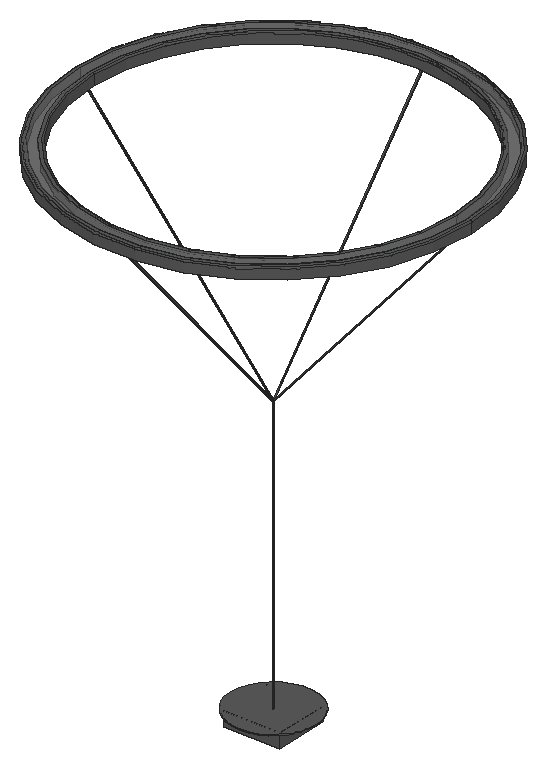
Revit family "Lighting_Round_LED_StarTek_Halo-Direct1", category Lighting Fixtures, host Face, Revit 2020
Family settings
  Host = Face
  Round Connector Dimension = Use Diameter
  Part Type = Normal
  OmniClass Number = 23.80.70.11
  OmniClass Title = Luminaries for Internal Lighting
  Cut with Voids When Loaded = No
  Light Source = Yes
  Shared = No
  Room Calculation Point = No
Parameters (values of type "Default - please load Revit Family Type Catalog")
  Weight = 0.00 lbf
  Wattage Comments = "Efficacy up to 120 lm/W"
  Wattage = 79.7101 W
  Voltage Range = "120-277V"  # constant formula
  built-in parameter 1150110 = 1 (stored number, unit not read)
  Voltage = 120 V
  URL = "https://starteklightingamerica.com/"
  Type Comments = ""
  built-in parameter 1114217 = 1 (stored number, unit not read)
  Tilt Angle = 90.00°  # constant formula
  built-in parameter 1150109 = 1 (stored number, unit not read)
  built-in parameter 1150134 = (empty or 0)
  built-in parameter 1150113 = 1 (stored number, unit not read)
  Product data url = "https://bimobject.com/startek-lighting/product/halo-direct"
  Product Material [instance] = StarTek Lighting - Aluminum - Powder Coat Black
  Power Factor = 0.93
  Photometric Web File = "Generic Light Source Shown : Please download and link the IES file that best matches your fixture specification"
  Photometric Note = "Import IES files https://starteklightingamerica.com/"  # constant formula
  Phase = 1
  Output = "High"
  Number of Poles = 1
  Mounting [instance] = Cord Mounting : PCx (Powered Canopy)
  Mount Finish Note [instance] = "Aircraft cables can be ordered in White or Black."  # constant formula
  Mount Finish [instance] = StarTek Lighting - Aluminum - Powder Coat Black
  Model = ""
  Min Cord/Rod Length [instance] = Diameter / sqrt(3) + 0' 1"  # 2' - 4.71281"
  Max Cord/Rod Length [instance] = 5' - 0"  # constant formula
  Manufacturer = "StarTek Lighting"  # constant formula
  MEP distance [instance] = 0' - 0"  # constant formula
  Input Wattage = 24.1 W
  Emit from Circle Diameter = Diameter  # 4' - 0"
  Distribution = "SD - SatinIce Diffuse"
  Diameter = 4' - 0"
  Cord/Rod Length [instance] = 5' - 0"
  Cord distance [instance] = if([2' Fixtures], 1' 10", if([3' Fixtures], 2' 10", 3' 10"))  # 3' - 10"
  built-in parameter 1150105 = 875.35 (stored number, unit not read)
  Lumens = 11000 lm
  built-in parameter 1150115 = 1 (stored number, unit not read)
  built-in parameter 1150137 = (empty or 0)
  built-in parameter 1150139 = (empty or 0)
  built-in parameter 1150112 = 1 (stored number, unit not read)
  built-in parameter 1150114 = 1 (stored number, unit not read)
  Lamp = "LED"  # constant formula
  Keynote = "16500"
  built-in parameter 1150132 = 2
  built-in parameter 1150102 = (empty or 0)
  built-in parameter 1150107 = 3000 (stored number, unit not read)
  built-in parameter 1150138 = (empty or 0)
  built-in parameter 1150106 = 8.7535 (stored number, unit not read)
  Height = 0' - 1 87/256"  # constant formula
  Frequency = 60 Hz
  Description = "Halo Direct"  # constant formula
  Emit Shape Visible in Rendering = 2 < 1  # no
  built-in parameter 1150104 = 12.821 (stored number, unit not read)
  Dimming Lamp Color Temperature Shift = <None>
  Default Elevation = 4' - 0"
  Cord/rod length parameter [instance] = if([Cord/Rod Length] < [Min Cord/Rod Length], [Min Cord/Rod Length], if([Cord/Rod Length] > [Max Cord/Rod Length], [Max Cord/Rod Length], [Cord/Rod Length]))  # 5' - 0"
  Color Filter = 16777215
  Color [instance] = "Available options: Powder coat white (PW), Powder coat black (PB), Powder coat silver (PS), Powder coat bronze (PBR), Powder coat other (PO)"  # constant formula
  CRI = "80"
  built-in parameter 1114218 = 1 (stored number, unit not read)
  built-in parameter 1150133 = 10 (stored number, unit not read)
  Assembly Code = "D5020200"
  Apparent Load = Input Wattage / (Number of Poles * Power Factor)  # 25.914 VA
  4' Fixtures = not(or([2' Fixtures], [3' Fixtures]))  # yes
  3' Fixtures = Diameter = 3' 0"  # no
  2' Fixtures = Diameter = 2' 0"  # no
  ****Power Options = "This fixture has direct fixture power or remote power.  PCX - Powered Canopy. RSMX - Remote Surface Mount or RIWX - Remote in Wall. Available in White (W) or Black (B)."  # constant formula
Reference planes (in)
  plane 1 "Center (Front/Back)": y = 0
  plane 2: z = 0
  plane 3 "Center (Left/Right)": x = 0
  plane 4: z = 60
  plane 5: y = 1.5
  plane 6: y = -1.5
  plane 7: z = 0.5
  plane 8: x = 2
  plane 9: x = -2
  plane 10: y = -2
  plane 11: y = 2
  plane 12: x = 0
Forms (in)
  Extrusion 1, solid, not visible
    sketch origin (3.75, 0, -0.03147) x (1, 0, 0) y (0, 0, 1)
      loop
        line (-3.78147, 0.03147) -> (-3.78147, -0.03147) -> (-3.71853, -0.03147) -> (-3.71853, 0.03147) -> (-3.78147, 0.03147)
    from -0.01298 to 0.01043
Lines and regions (in)
  Masking region 1
    outline origin (0, 0, 0) x (1, 0, 0) y (0, 1, 0)
      loop
        circle (0, 0) r 4
Dimensions and locks (in)
  locked: plane 4 to imposter light at 2.31677
  "Cord/rod length parameter": plane 4 to plane 2
  Extrusion 1 sketch curve to level to Extrusion 1 sketch curve = 0' - 0", 0' - 0.06295"
  Extrusion 1 to plane 1 "Center (Front/Back)" to Extrusion 1 = 0' - 0.01298" locked, 0' - 0.01043" locked
  equal spacing: plane 5, plane 1 "Center (Front/Back)", plane 6
  locked: plane 5 to plane 1 "Center (Front/Back)" at 1.5
  plane 7 to plane 2 = 0' - 0 1/2"
  plane 8 to plane 3 "Center (Left/Right)" to plane 9 = 0' - 2" locked, 0' - 2" locked
  plane 11 to plane 1 "Center (Front/Back)" to plane 10 = 0' - 2" locked, 0' - 2" locked
  "MEP distance": plane 3 "Center (Left/Right)" to plane 12
  Extrusion 1 to plane 12 to Extrusion 1 = 0' - 0.03147" locked, 0' - 0.03147" locked
  aligned and locked: plane 2 to host face
  aligned and locked: level to host face
  aligned and locked: plane 4 to nested 2
  aligned and locked: nested 2 to plane 1 "Center (Front/Back)"
  aligned and locked: plane 3 "Center (Left/Right)" to nested 1
  aligned and locked: plane 1 "Center (Front/Back)" to nested 1
  aligned and locked: plane 12 to nested 2
Automatic sketch dimensions
  host sketch curve to host sketch curve = 8' - 0"  (x2)
  Extrusion 1 sketch curve to plane 3 "Center (Left/Right)" = 0' - 0.03147"
  plane 3 "Center (Left/Right)" to Extrusion 1 sketch curve = 0' - 0.03147"
  plane 1 "Center (Front/Back)" to Masking region 1 sketch curve = 0' - 0"
  Masking region 1 sketch curve to plane 3 "Center (Left/Right)" = 0' - 0"
  radius of Masking region 1 sketch curve = 0' - 4"
Nested families (in)
  nested 1: "Cord Mounting" at (0, 0, 0), type <- "Mounting", type "PCx (Powered Canopy)"
    with Cord material StarTek Lighting - Aluminum - Powder Coat Black, Cord length control 5' - 0", Cord length 5' - 0"
  nested 2: "Halo" at (0, 0, 60) x (-1, 0, 0) z (0, 0, 1), Lamp Finish <- "Product Material", type "Default"
    with Lamp Finish StarTek Lighting - Aluminum - Powder Coat Black, 4' Fixtures no
Connectors (in)
  electrical at (0, 0.00127, 0), driven by "Number of Poles", driven by "Voltage", driven by "Apparent Load", driven by "Power Factor", driven by "Apparent Load"
    settings: on Extrusion 1, index 1, voltage 120 V, apparent load 25.914 VA, apparent load phase1 25.914 VA, apparent load phase2 0 VA, apparent load phase3 0 VA, power factor 0.93, load classification "Other", number of poles 1, system type 30, power factor state 1, is connector primary yes, connector utility no, sub classification motor no, connector description "Power supply"
Definition of nested family "Cord Mounting"
  Parameters (values of type "RSMx ( Remote Surface Mount with Canopy)")
    notPC = not(PC)  # yes
    PC = no
    Mount Material = none
    H = D / sqrt(3)  # 2' - 2.55811"
    Default Elevation = 4' - 0"
    D = 3' - 10"
    Cord material [instance] = none
    MAX cord length = 5' - 0"
    Cord length control [instance] = if(Cord length < 0' 2 1/2", 0' 2 1/2", Cord length)  # 5' - 0"
    Cord length = 5' - 0"
  Types (3): name | notPC | PC | Cord length control | Cord length
    PCx (Powered Canopy) | no | yes | 3' - 0" | 3' - 0"
    RSMx ( Remote Surface Mount with Canopy) | yes | no | 5' - 0" | 5' - 0"
    RIWx ( Remote In-wall with Canopy) | yes | no | 5' - 0" | 5' - 0"
  Reference planes (in)
    plane 1 "Center (Front/Back)": y = 0
    plane 2: z = 0
    plane 3 "Center (Left/Right)": x = 0
    plane 4 "canopy plane": z = 60
    plane 5: x = 23
    plane 6: x = -23
    plane 7: y = -23
    plane 8: y = 23
    plane 9: through (161.22035, -93.3381, 44.96202) normal (0.7071, 0.7071, 0)
    plane 10: through (128.69343, -125.86501, 44.96202) normal (0.7071, 0.7071, 0)
    plane 11: through (33.94113, -33.94113, 45.45949) normal (0.7071, -0.7071, 0)
    plane 12: through (1.41421, -1.41421, 45.45949) normal (0.7071, -0.7071, 0)
    plane 13 "x": through (143.809, -108.45366, 44.96202) normal (0.7071, 0.7071, 0)
    plane 14 "y": through (17.67767, -17.67767, 45.45949) normal (0.7071, -0.7071, 0)
    plane 15: y = 3.25
    plane 16: y = -3.25
    plane 17: z = 0.0478
  Forms (in)
    Extrusion 1, solid, material <- "Mount Material", visible <- "notPC"
      sketch origin (0, 0, 0) x (-1, 0, 0) y (0, -1, 0)
        loop
          circle (0, 0) r 2.5
      from 0 to 0.285
    Extrusion 2, solid, material <- "Cord material", not visible
      sketch origin (0, 0, 36) x (-1, 0, 0) y (0, -1, 0)
        loop
          circle (0, 0) r 2.5
      from 0 to -0.19141
    Extrusion 3, solid, material <- "Mount Material", visible <- "PC"
      sketch origin (0, 0, 0) x (1, 0, 0) y (0, 0, 1)
        loop
          line (-3.3478, -1.675) -> (3.3478, -1.675) -> (3.3478, 0) -> (-3.3478, 0) -> (-3.3478, -1.675)
      from 3.25 to -3.25
    Extrusion 4, solid, material <- "Mount Material", visible <- "PC"
      sketch origin (0, 0, 36) x (-1, 0, 0) y (0, -1, 0)
        loop
          circle (0, 0) r 5.125
      from -35.9522 to -36
  Dimensions and locks (in)
    "Cord length control": plane 4 "canopy plane" to plane 2
    equal spacing: plane 5, plane 3 "Center (Left/Right)", plane 6
    "D": plane 5 to plane 6
    equal spacing: plane 8, plane 1 "Center (Front/Back)", plane 7
    "D": plane 8 to plane 7
    equal spacing: plane 9, plane 13 "x", plane 10
    equal spacing: plane 12, plane 14 "y", plane 11
    "D": plane 9 to plane 10
    "D": plane 12 to plane 11
    equal spacing: plane 15, plane 1 "Center (Front/Back)", plane 16
    plane 15 to plane 16 = 0' - 6 1/2"
    locked: plane 17 to level at 0.0478
    aligned and locked: plane 2 to level
    aligned and locked: plane 3 "Center (Left/Right)" to nested 1
    aligned and locked: plane 1 "Center (Front/Back)" to nested 1
    aligned and locked: Extrusion 1 to level
    aligned and locked: Extrusion 4 to level
  Automatic sketch dimensions
    plane 1 "Center (Front/Back)" to Extrusion 1 sketch curve = 0' - 0"
    Extrusion 1 sketch curve to plane 3 "Center (Left/Right)" = 0' - 0"
    Extrusion 3 sketch curve to level = 0' - 0"
    Extrusion 3 sketch curve to plane 3 "Center (Left/Right)" = 0' - 3.3478"
    plane 3 "Center (Left/Right)" to Extrusion 3 sketch curve = 0' - 3.3478"
    Extrusion 3 sketch curve to Extrusion 3 sketch curve = 0' - 1.675"
    plane 1 "Center (Front/Back)" to Extrusion 4 sketch curve = 0' - 0"
    Extrusion 4 sketch curve to plane 3 "Center (Left/Right)" = 0' - 0"
    radius of Extrusion 2 sketch curve = 0' - 2 1/2"
    radius of Extrusion 1 sketch curve = 0' - 2 1/2"
    radius of Extrusion 4 sketch curve = 0' - 5 1/8"
  Nested families (in)
    nested 1: "Cord/rod Nest" at (0, 0, 0), Cord length <- "Cord length control", Cord material <- "Cord material", type "Cord"
      with Cord material none, Cord length control 5' - 0", Cord length 5' - 0", H 2' - 2.55811", D 3' - 10"
  Definition of nested family "Cord/rod Nest"
    Parameters (values of type "Cord")
      TM = no
      H = 1' - 7.62991"
      Default Elevation = 4' - 0"
      D = 2' - 10"
      Cord material [instance] = none
      MAX cord length = 5' - 0"
      Cord length control [instance] = if(Cord length < 0' 2 1/2", 0' 2 1/2", Cord length)  # 3' - 0"
      Cord length [instance] = 3' - 0"
      Canopy = no
    Types (9): name | H | D | MAX cord length | Cord length control | Cord length | Canopy
      ACW05-White 5' | 1' - 0" | 8' - 0" | 5' - 0" | 3' - 0" | 3' - 0" | yes
      ACW10-White 10' | 1' - 0" | 8' - 0" | 10' - 0" | 3' - 0" | 3' - 0" | yes
      ACB05-Black 5' | 1' - 0" | 8' - 0" | 5' - 0" | 3' - 0" | 3' - 0" | yes
      ACB10-Black 10' | 1' - 0" | 8' - 0" | 10' - 0" | 3' - 0" | 3' - 0" | yes
      APW05-White 5' | 1' - 0" | 8' - 0" | 5' - 0" | 3' - 0" | 3' - 0" | yes
      APW10-White 10' | 1' - 0" | 8' - 0" | 10' - 0" | 3' - 0" | 3' - 0" | yes
      APB05-Black 5' | 1' - 0" | 8' - 0" | 5' - 0" | 6' - 0" | 6' - 0" | yes
      APB10-Black 10' | 1' - 0" | 8' - 0" | 10' - 0" | 3' - 0" | 3' - 0" | yes
      Cord | 1' - 7.62991" | 2' - 10" | 5' - 0" | 3' - 0" | 3' - 0" | no
    Reference planes (in)
      plane 1 "Center (Front/Back)": y = 0
      plane 2: z = 0
      plane 3 "Center (Left/Right)": x = 0
      plane 4 "canopy plane": z = 36
      plane 5: z = 16.37009
      plane 6: x = 17
      plane 7: x = -17
      plane 8: y = -17
      plane 9: y = 17
      plane 10 "x": through (-48, 48, 48) normal (0.7071, 0.7071, 0)
      plane 11 "y": through (48, 48, 48) normal (0.7071, -0.7071, 0)
      plane 12: through (-35.97918, 60.02082, 48) normal (0.7071, 0.7071, 0)
      plane 13: through (-60.02082, 35.97918, 48) normal (0.7071, 0.7071, 0)
      plane 14: through (35.97918, 60.02082, 48) normal (0.7071, -0.7071, 0)
      plane 15: through (60.02082, 35.97918, 48) normal (0.7071, -0.7071, 0)
    Forms (in)
      Extrusion 1, solid, material <- "Cord material"
        sketch origin (0, 0, 0) x (1, 0, 0) y (0, 1, 0)
          loop
            circle (0, 0) r 0.09375
        from 0 to 16.37009
      Extrusion 2, solid, material <- "Cord material", visible <- "Canopy", not visible
        sketch origin (0, 0, 36) x (-1, 0, 0) y (0, -1, 0)
          loop
            circle (0, 0) r 2.5
        from 0 to -0.19141
      Sweep 3, solid, material <- "Cord material"
        path origin (0, 0, 0) x (1, 0, 0) y (0, 0, 1)
          loop
            line (0, 16.37009) -> (17, 36)
        profile origin (8.5, 0, 26.18505) x (-0.755929, 0, 0.654654) y (0, -1, 0)
          loop
            spline (0.0701, 0) -> (0.06771, 0.02426) -> (0.0607, 0.04687) -> (0.04956, 0.06629) -> (0.03505, 0.08119) -> (0.01814, 0.09056) -> (0, 0.09375) -> (-0.01814, 0.09056) -> (-0.03505, 0.08119) -> (-0.04956, 0.06629) -> (-0.0607, 0.04688) -> (-0.06771, 0.02426) -> (-0.0701, 0)
            spline (-0.0701, 0) -> (-0.06771, -0.02426) -> (-0.0607, -0.04687) -> (-0.04956, -0.06629) -> (-0.03505, -0.08119) -> (-0.01814, -0.09056) -> (0, -0.09375) -> (0.01814, -0.09056) -> (0.03505, -0.08119) -> (0.04956, -0.06629) -> (0.0607, -0.04688) -> (0.06771, -0.02426) -> (0.0701, 0)
      Sweep 4, solid, material <- "Cord material"
        path origin (0, 0, 0) x (1, 0, 0) y (0, 0, 1)
          loop
            line (0, 16.37009) -> (-17, 36)
        profile origin (-8.5, 0, 26.18505) x (-0.755929, 0, -0.654654) y (0, -1, 0)
          loop
            spline (0.0701, 0) -> (0.06771, 0.02426) -> (0.0607, 0.04687) -> (0.04956, 0.06629) -> (0.03505, 0.08119) -> (0.01814, 0.09056) -> (0, 0.09375) -> (-0.01814, 0.09056) -> (-0.03505, 0.08119) -> (-0.04956, 0.06629) -> (-0.0607, 0.04688) -> (-0.06771, 0.02426) -> (-0.0701, 0)
            spline (-0.0701, 0) -> (-0.06771, -0.02426) -> (-0.0607, -0.04687) -> (-0.04956, -0.06629) -> (-0.03505, -0.08119) -> (-0.01814, -0.09056) -> (0, -0.09375) -> (0.01814, -0.09056) -> (0.03505, -0.08119) -> (0.04956, -0.06629) -> (0.0607, -0.04688) -> (0.06771, -0.02426) -> (0.0701, 0)
      Sweep 5, solid, material <- "Cord material"
        path origin (0, 0, 0) x (0, 1, 0) y (0, 0, 1)
          loop
            line (-17, 36) -> (0, 16.37009)
        profile origin (0, -8.5, 26.18505) x (0, 0.755929, 0.654654) y (1, 0, 0)
          loop
            spline (0, 0.09375) -> (-0.01814, 0.09056) -> (-0.03505, 0.08119) -> (-0.04956, 0.06629) -> (-0.0607, 0.04687) -> (-0.06771, 0.02426) -> (-0.0701, 0) -> (-0.06771, -0.02426) -> (-0.0607, -0.04688) -> (-0.04956, -0.06629) -> (-0.03505, -0.08119) -> (-0.01814, -0.09056) -> (0, -0.09375)
            spline (0, -0.09375) -> (0.01814, -0.09056) -> (0.03505, -0.08119) -> (0.04956, -0.06629) -> (0.0607, -0.04687) -> (0.06771, -0.02426) -> (0.0701, 0) -> (0.06771, 0.02426) -> (0.0607, 0.04688) -> (0.04956, 0.06629) -> (0.03505, 0.08119) -> (0.01814, 0.09056) -> (0, 0.09375)
      Sweep 6, solid, material <- "Cord material"
        path origin (0, 0, 0) x (0, 1, 0) y (0, 0, 1)
          loop
            line (0, 16.37009) -> (17, 36)
        profile origin (0, 8.5, 26.18505) x (0, -0.755929, 0.654654) y (1, 0, 0)
          loop
            spline (0, 0.09375) -> (-0.01814, 0.09056) -> (-0.03505, 0.08119) -> (-0.04956, 0.06629) -> (-0.0607, 0.04688) -> (-0.06771, 0.02426) -> (-0.0701, 0) -> (-0.06771, -0.02426) -> (-0.0607, -0.04687) -> (-0.04956, -0.06629) -> (-0.03505, -0.08119) -> (-0.01814, -0.09056) -> (0, -0.09375)
            spline (0, -0.09375) -> (0.01814, -0.09056) -> (0.03505, -0.08119) -> (0.04956, -0.06629) -> (0.0607, -0.04688) -> (0.06771, -0.02426) -> (0.0701, 0) -> (0.06771, 0.02426) -> (0.0607, 0.04687) -> (0.04956, 0.06629) -> (0.03505, 0.08119) -> (0.01814, 0.09056) -> (0, 0.09375)
    Dimensions and locks (in)
      "Cord length control": plane 4 "canopy plane" to plane 2
      "H": plane 4 "canopy plane" to plane 5
      equal spacing: plane 6, plane 3 "Center (Left/Right)", plane 7
      "D": plane 6 to plane 7
      equal spacing: plane 9, plane 1 "Center (Front/Back)", plane 8
      "D": plane 9 to plane 8
      equal spacing: plane 12, plane 10 "x", plane 13
      "D": plane 12 to plane 13
      equal spacing: plane 14, plane 11 "y", plane 15
      "D": plane 15 to plane 14
      aligned and locked: plane 2 to level
      aligned and locked: Extrusion 1 to plane 5
      aligned and locked: plane 4 "canopy plane" to Sweep 3 sketch curve
      aligned and locked: plane 6 to Sweep 3 sketch curve
      aligned and locked: plane 5 to Sweep 3 sketch curve
      aligned and locked: plane 3 "Center (Left/Right)" to Sweep 3 sketch curve
      aligned and locked: plane 4 "canopy plane" to Sweep 4 sketch curve
      aligned and locked: plane 7 to Sweep 4 sketch curve
      aligned and locked: plane 5 to Sweep 4 sketch curve
      aligned and locked: plane 3 "Center (Left/Right)" to Sweep 4 sketch curve
      aligned and locked: plane 5 to Sweep 5 sketch curve
      aligned and locked: plane 1 "Center (Front/Back)" to Sweep 5 sketch curve
      aligned and locked: plane 4 "canopy plane" to Sweep 5 sketch curve
      aligned and locked: plane 8 to Sweep 5 sketch curve
      aligned and locked: plane 4 "canopy plane" to Sweep 6 sketch curve
      aligned and locked: plane 9 to Sweep 6 sketch curve
      aligned and locked: plane 5 to Sweep 6 sketch curve
      aligned and locked: plane 1 "Center (Front/Back)" to Sweep 6 sketch curve
    Automatic sketch dimensions
      plane 1 "Center (Front/Back)" to Extrusion 1 sketch curve = 0' - 0"
      Extrusion 1 sketch curve to plane 3 "Center (Left/Right)" = 0' - 0"
      plane 1 "Center (Front/Back)" to Sweep 3 sketch curve = 0' - 0"
      Sweep 3 sketch curve to profile plane = 0' - 0"
      profile plane to Sweep 3 sketch curve = 0' - 0.0701"
      Sweep 3 sketch curve to plane 1 "Center (Front/Back)" = 0' - 0 3/32"
      Sweep 3 sketch curve to Sweep 3 sketch curve = 0' - 0"
      plane 1 "Center (Front/Back)" to Sweep 4 sketch curve = 0' - 0"
      Sweep 4 sketch curve to profile plane = 0' - 0"
      profile plane to Sweep 4 sketch curve = 0' - 0.0701"
      plane 1 "Center (Front/Back)" to Sweep 4 sketch curve = 0' - 0 3/32"
      Sweep 4 sketch curve to Sweep 4 sketch curve = 0' - 0"
      Sweep 5 sketch curve to profile plane = 0' - 0"
      Sweep 5 sketch curve to plane 3 "Center (Left/Right)" = 0' - 0"
      Sweep 5 sketch curve to plane 3 "Center (Left/Right)" = 0' - 0 3/32"
      Sweep 6 sketch curve to profile plane = 0' - 0"
      Sweep 6 sketch curve to plane 3 "Center (Left/Right)" = 0' - 0"
      Sweep 6 sketch curve to plane 3 "Center (Left/Right)" = 0' - 0 3/32"
      radius of Extrusion 1 sketch curve = 0' - 0 3/32"
      radius of Extrusion 2 sketch curve = 0' - 2 1/2"
Definition of nested family "Halo"
  Parameters (values of type "Default")
    URL = "https://starteklightingamerica.com/"
    Model = "Halo Direct"
    Manufacturer = "StarTek Lighting"
    Lens Finish = none
    Lamp Finish [instance] = none
    Keynote = ""
    Height = 0' - 0"
    Diameter = if([2' Fixtures], 2' 0", if([3' Fixtures], 3' 0", 4' 0"))  # 4' - 0"
    Description = "2’, 3’ and 4’ diameter fixtures available\r\nEfficacy up to 120 lm/W\r\nSoft diffuse direct lighting\r\nPowder coat finishes available in white, black and silver\r\nProprietary optical band provides seamless light the entire length of the lens\r\nCustom colors available upon request*\r\nApproved for dry and damp locations\r\n0-10v dimming is standard\r\nDim to 1% of output current\r\nAvailable in 120v or 277v"
    Assembly Code = ""
    4' Fixtures = yes
    3' Fixtures = no
    2' Fixtures = no
  Reference planes (in)
    plane 1 "Light Source Axis (F/B)": y = 0
    plane 2 "Ceiling": z = 0
    plane 3 "Light Source Axis (L/R)": x = 0
    plane 4 "Light Source Elevation": z = 0
  Forms (in)
    Sweep 1, solid, material <- "Lamp Finish", detail levels coarse
      path origin (0, 0, 0) x (1, 0, 0) y (0, 1, 0)
        loop
          circle (0, 0) r 24
      profile origin (0, 24, 0) x (0, -1, 0) y (0, 0, 1)
        loop
          line (0, 0) -> (2.26, 0) -> (2.26, 1.34) -> (0, 1.34) -> (0, 0)
    Sweep 2, solid, material <- "Lamp Finish", detail levels medium+fine
      path origin (0, 0, 0) x (1, 0, 0) y (0, 1, 0)
        loop
          circle (0, 0) r 24
      profile origin (0, 24, 0) x (0, -1, 0) y (0, 0, 1)
        loop
          line (0, 1.19) -> (0, 0) -> (0.1, 0) -> (0.1, 0.3) -> (0.53, 0.3) -> (0.53, 1.34) -> (0.15, 1.34)
          arc (0.15, 1.34) -> (0.04393, 1.29607) -> (0, 1.19) r 0.15
        loop
          line (2.26, 0) -> (2.26, 1.19)
          arc (2.26, 1.19) -> (2.21607, 1.29607) -> (2.11, 1.34) r 0.15
          line (2.11, 1.34) -> (1.73, 1.34) -> (1.73, 0.3) -> (2.16, 0.3) -> (2.16, 0) -> (2.26, 0)
    Sweep 3, solid, material <- "Lamp Finish", detail levels medium+fine
      path origin (0, 0, 0) x (1, 0, 0) y (0, 1, 0)
        loop
          circle (0, 0) r 24
      profile origin (0, 24, 0) x (0, -1, 0) y (0, 0, 1)
        loop
          line (2.13, 0.175) -> (2.13, 0.3) -> (0.13, 0.3) -> (0.13, 0.175) -> (2.13, 0.175)
    Sweep 4, solid, material <- "Lens Finish", detail levels medium+fine
      path origin (0, 0, 0) x (1, 0, 0) y (0, 1, 0)
        loop
          circle (0, 0) r 24
      profile origin (0, 24, 0) x (0, -1, 0) y (0, 0, 1)
        loop
          line (0.53, 1.34) -> (0.53, 1.14) -> (1.73, 1.14) -> (1.73, 1.34) -> (0.53, 1.34)
  Lines and regions (in)
    Masking region 1
      outline origin (0, 0, 0) x (1, 0, 0) y (0, 1, 0)
        loop
          circle (0, 0) r 24
        loop
          circle (0, 0) r 21.74
    symbolic lines, detail levels medium+fine
      curve 1: circle (0, 0, 0) r 23.47 normal (0, 0, 1)
      curve 2: circle (0, 0, 0) r 22.27 normal (0, 0, 1)
  Dimensions and locks (in)
    equal spacing: host sketch curve, plane 3 "Light Source Axis (L/R)", host sketch curve
    equal spacing: host sketch curve, plane 1 "Light Source Axis (F/B)", host sketch curve
    host sketch curve to host sketch curve = 10' - 0"  (x2)
    "Diameter": diameter of Sweep 1 sketch curve
    "Diameter": diameter of Sweep 2 sketch curve
    "Diameter": diameter of Sweep 3 sketch curve
    "Diameter": diameter of Sweep 4 sketch curve
    aligned and locked: plane 3 "Light Source Axis (L/R)" to Sweep 1 sketch curve
    aligned and locked: plane 1 "Light Source Axis (F/B)" to Sweep 1 sketch curve
    aligned and locked: Masking region 1 sketch curve to Sweep 1  (x2)
  Automatic sketch dimensions
    Sweep 1 sketch curve to level = 0' - 0"
    Sweep 1 sketch curve to profile plane = 0' - 0"
    Sweep 1 sketch curve to Sweep 1 sketch curve = 0' - 2.26"
    level to Sweep 1 sketch curve = 0' - 1.34"
    Sweep 2 sketch curve to level = 0' - 0"  (x2)
    Sweep 2 sketch curve to profile plane = 0' - 0"
    Sweep 2 sketch curve to Sweep 2 sketch curve = 0' - 0.1"  (x2)
    Sweep 2 sketch curve to Sweep 2 sketch curve = 0' - 0.15"
    Sweep 2 sketch curve to Sweep 2 sketch curve = 0' - 0.43"  (x2)
    Sweep 2 sketch curve to Sweep 2 sketch curve = 0' - 1.2"
    Sweep 2 sketch curve to Sweep 2 sketch curve = 0' - 0.38"
    level to Sweep 2 sketch curve = 0' - 0.3"  (x2)
    Sweep 2 sketch curve to Sweep 2 sketch curve = 0' - 0.89"  (x2)
    Sweep 3 sketch curve to profile plane = 0' - 0.13"
    level to Sweep 3 sketch curve = 0' - 0.3"
    Sweep 3 sketch curve to Sweep 3 sketch curve = 0' - 0 1/8"
    Sweep 4 sketch curve to profile plane = 0' - 0.53"
    Sweep 4 sketch curve to Sweep 4 sketch curve = 0' - 1.2"
    Sweep 4 sketch curve to Sweep 4 sketch curve = 0' - 0.2"
    level to Sweep 4 sketch curve = 0' - 1.14"
    Sweep 3 sketch curve to Sweep 3 sketch curve = 0' - 2"
    curve 1 to curve 2 = 0' - 0"  (x2)
    plane 1 "Light Source Axis (F/B)" to curve 2 = 0' - 0"
    curve 2 to plane 3 "Light Source Axis (L/R)" = 0' - 0"
    plane 1 "Light Source Axis (F/B)" to Sweep 2 sketch curve = 0' - 0"
    Sweep 2 sketch curve to plane 3 "Light Source Axis (L/R)" = 0' - 0"
    plane 1 "Light Source Axis (F/B)" to Sweep 3 sketch curve = 0' - 0"
    Sweep 3 sketch curve to plane 3 "Light Source Axis (L/R)" = 0' - 0"
    plane 1 "Light Source Axis (F/B)" to Sweep 4 sketch curve = 0' - 0"
    Sweep 4 sketch curve to plane 3 "Light Source Axis (L/R)" = 0' - 0"
    radius of curve 1 = 1' - 11.47"
    radius of curve 2 = 1' - 10.27"
